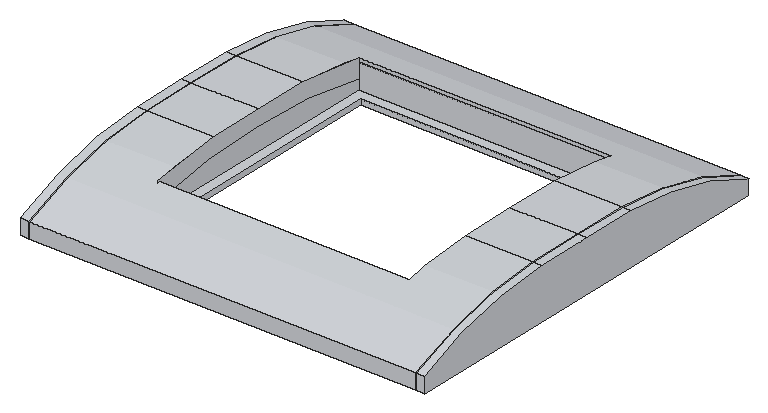
Revit family "Gira_0211332", category Electrical Fixtures, host Face, Revit 2017
Family settings
  Host = Face
  Maintain Annotation Orientation = No
  Round Connector Dimension = Use Diameter
  Part Type = Normal
  Cut with Voids When Loaded = No
  Shared = No
  Room Calculation Point = No
Parameters (values of type "Cov.fr. 1-g interm.fr. PW Gira Event Opaque amber")
  With mounting grid = "No"
  With hinged lid = "No"
  URL = "http://katalog.gira.de/en/datenblatt.html?artikelnr=0211332"
  Type of fastening = "Clamp mounting"
  Transparent = "No"
  Surface protection = "Other"
  Suitable for wall duct = "No"
  Suitable for flush-mounted installation = "Yes"
  Suitable for floor box = "No"
  Suitable for built-in installation = "No"
  Number of units vertical = "1"
  Number of units horizontal = "1"
  Number of units = "1"
  Name = "Cov.fr. 1-g interm.fr. PW Gira Event Opaque amber"
  Mounting direction = "Horizontal and vertical"
  Material quality = "Thermoplastic"
  Material = "Plastic"
  Manufacturer URL = "https://www.gira.de/"
  Manufacturer = "Gira"
  Label space/information surface = "No"
  Keynote = ""
  HeinzeBIM = "https://bimportal.heinze.de/bim/cov-fr-1-g-interm-fr-pw-gira-event-opaque-amber/19ac0e2fc38e91cdc049a67affd015ba2f68af17"
  Halogen free = "Yes"
  HAN = "0211332"
  GTIN = "4010337074748"
  Description = "Cov.fr.1g i.fr.PW EvOp AR,Gira Event Opaque frames,amber with pure white glossy intermediate frame,1-gang,Features:,- Shatter-proof."
  Degree of protection (IP) = "IP20"
  Default Elevation = 1219.2 mm
  Data sheet (1) = "https://katalog.gira.de/en/download.html?artikelnr=0211332"
  Colour = "Other"
  Category = "Cover frame for domestic switching devices"
  BIM (1) = "https://media.stage.bim.site/public/gira/36a6b08/Event_Rahmen_1fach.rfa"
  Available = "No"
Reference planes
  plane 1 "Center (Front/Back)": y = 0
  plane 2: z = 0
  plane 3 "Center (Left/Right)": x = 0
Forms (mm)
  Extrusion 1, solid, detail levels fine
    sketch origin (0, 0, 1.55) x (0, 1, 0) y (0, 0, 1)
      loop
        arc (12.445, 9.683) -> (6.223, 9.833) -> (0, 9.85) r 291.636
        arc (0, 9.85) -> (-6.223, 9.833) -> (-12.445, 9.683) r 291.636
        arc (-12.445, 9.683) -> (-29.14, 7.482) -> (-45, 1.823) r 79.728
        line (-45, 1.823) -> (-45, -1.55) -> (-41.777, -1.55) -> (-41.777, -0.55)
        arc (-41.777, -0.55) -> (-21.205, 4.846) -> (0, 6.467) r 118.15
        arc (0, 6.467) -> (21.205, 4.846) -> (41.777, -0.55) r 118.15
        line (41.777, -0.55) -> (41.777, -1.55) -> (45, -1.55) -> (45, 1.823)
        arc (45, 1.823) -> (29.14, 7.482) -> (12.445, 9.683) r 79.728
    from -43 to 43
  Extrusion 2, void, detail levels fine
    sketch origin (0, 0, 0) x (1, 0, 0) y (0, 1, 0)
      loop
        line (-28, -28) -> (28, -28) -> (28, 28) -> (-28, 28) -> (-28, -28)
    from 2.85 to 12
  Extrusion 3, solid, detail levels coarse
    sketch origin (0, 0, 0) x (1, 0, 0) y (0, 1, 0)
      loop
        line (-45, 45) -> (-45, -45) -> (45, -45) -> (45, 45) -> (-45, 45)
    from 0 to 11.4
  Extrusion 4, solid, detail levels medium
    sketch origin (0, 0, 1.55) x (0, 1, 0) y (0, 0, 1)
      loop
        arc (12.445, 9.683) -> (6.223, 9.833) -> (0, 9.85) r 291.636
        arc (0, 9.85) -> (-6.223, 9.833) -> (-12.445, 9.683) r 291.636
        arc (-12.445, 9.683) -> (-29.14, 7.482) -> (-45, 1.823) r 79.728
        line (-45, 1.823) -> (-45, -1.55) -> (45, -1.55) -> (45, 1.823)
        arc (45, 1.823) -> (29.14, 7.482) -> (12.445, 9.683) r 79.728
    from -45 to 45
  Extrusion 5, solid, detail levels fine
    sketch origin (0, 0, 0) x (0, 1, 0) y (0, 0, 1)
      loop
        arc (45, 3.373) -> (29.14, 9.032) -> (12.445, 11.233) r 79.728
        arc (12.445, 11.233) -> (6.223, 11.383) -> (0, 11.4) r 291.636
        arc (0, 11.4) -> (-6.223, 11.383) -> (-12.445, 11.233) r 291.636
        arc (-12.445, 11.233) -> (-29.14, 9.032) -> (-45, 3.373) r 79.728
        line (-45, 3.373) -> (-45, 0) -> (45, 0) -> (45, 3.373)
    from 43 to 45
  Extrusion 6, solid, detail levels fine
    sketch origin (0, 0, 0) x (0, 1, 0) y (0, 0, -1)
      loop
        line (45, -3.373) -> (45, 0) -> (-45, 0) -> (-45, -3.373)
        arc (-45, -3.373) -> (-29.14, -9.032) -> (-12.445, -11.233) r 79.728
        arc (-12.445, -11.233) -> (-6.223, -11.383) -> (0, -11.4) r 291.636
        arc (0, -11.4) -> (6.223, -11.383) -> (12.445, -11.233) r 291.636
        arc (12.445, -11.233) -> (29.14, -9.032) -> (45, -3.373) r 79.728
    from 43 to 45
  Extrusion 7, solid, detail levels fine
    sketch origin (0, 0, 0) x (1, 0, 0) y (0, 1, 0)
      loop
        line (-25.7, 25.7) -> (-25.7, -25.7) -> (25.7, -25.7) -> (25.7, 25.7) -> (-25.7, 25.7)
      loop
        line (-29.495, 27.895) -> (-29.495, -27.895)
        spline (-29.495, -27.895) -> (-29.486, -28.025) -> (-29.461, -28.154) -> (-29.419, -28.278) -> (-29.361, -28.395) -> (-29.288, -28.504) -> (-29.202, -28.602) -> (-29.104, -28.688) -> (-28.995, -28.761) -> (-28.878, -28.819) -> (-28.754, -28.861) -> (-28.625, -28.886) -> (-28.495, -28.895)
        line (-28.495, -28.895) -> (28.495, -28.895)
        spline (28.495, -28.895) -> (28.625, -28.886) -> (28.754, -28.861) -> (28.878, -28.819) -> (28.995, -28.761) -> (29.104, -28.688) -> (29.202, -28.602) -> (29.288, -28.504) -> (29.361, -28.395) -> (29.419, -28.278) -> (29.461, -28.154) -> (29.486, -28.025) -> (29.495, -27.895)
        line (29.495, -27.895) -> (29.495, 27.895)
        spline (29.495, 27.895) -> (29.486, 28.025) -> (29.461, 28.154) -> (29.419, 28.278) -> (29.361, 28.395) -> (29.288, 28.504) -> (29.202, 28.602) -> (29.104, 28.688) -> (28.995, 28.761) -> (28.878, 28.819) -> (28.754, 28.861) -> (28.625, 28.886) -> (28.495, 28.895)
        line (28.495, 28.895) -> (-28.495, 28.895)
        spline (-28.495, 28.895) -> (-28.625, 28.886) -> (-28.754, 28.861) -> (-28.878, 28.819) -> (-28.995, 28.761) -> (-29.104, 28.688) -> (-29.202, 28.602) -> (-29.288, 28.504) -> (-29.361, 28.395) -> (-29.419, 28.278) -> (-29.461, 28.154) -> (-29.486, 28.025) -> (-29.495, 27.895)
    from 1.673 to 8.5
Cuts and joins
  Extrusion 2 cuts Extrusion 1
  Extrusion 2 cuts Extrusion 7
Dimensions and locks
  aligned and locked: plane 2 to host face
  aligned and locked: level to host face
